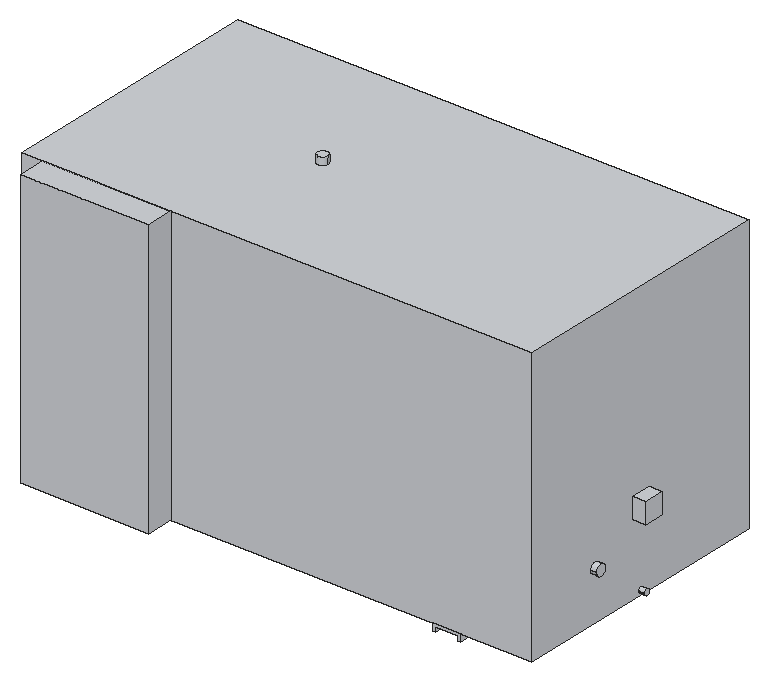
Revit family
Parameters (values of type "HH(Voltage)(kW)2500 1 Phase")
  Wattage = MAX KW * 1000 VA  # 60000 VA
  Water Outlet Radius = 1 1/2"
  Water Inlet Offset = Side Panel Width * 0.5 - 3"  # 16 9/16"
  WATER OUTLET SIZE = Water Outlet Radius * 2  # 3"
  Side Panel Width = C_DEPTH / 2  # 39 1/8"
  MAX KW = 60
  Front center panel width = B_LENGTH / 3  # 49.16146"
  D_INLET HEIGHT = 16 1/2"
  Water Inlet Radius = 1 1/2"
  VOLTAGE = 208 V
  Total Amps = MAX KW * 1000 V / VOLTAGE  # 288.4615
  Top Clearance = 24"
  SES BIM Studio # = "201264902-50"
  URL = "http://www.lochinvar.com/_linefiles/CHP-10.pdf"
  Number of Poles = 2
  Model = "HH *(kW)-2500"
  Manufacturer = "Lochinvar"
  MODEL NO. = "HH (Voltage) (kW)-2500"
  WATER INLET SIZE = Water Inlet Radius * 2  # 3"
  GALLON CAPACITY = "2500"
  Cost = 0
  Control Panel Height = A_HEIGHT * 2 / 3  # 54.66667"
  C_DEPTH = 78 1/4"
  CONTINUOUS DELIVERY (GPH) = "246"
  B_LENGTH = 147 31/64"
  A_HEIGHT = 82"
  Description = ""
  Fuel Type = ""
  # OF ELEMENTS = "4"
Types (14): name | Water Outlet Radius | Water Inlet Offset | WATER OUTLET SIZE | Side Panel Width | Front center panel width | D_INLET HEIGHT | Water Inlet Radius | Model | MODEL NO. | WATER INLET SIZE | GALLON CAPACITY | Control Panel Height | C_DEPTH | B_LENGTH | A_HEIGHT
  (no name) | 1 1/2" | 16 9/16" | 3" | 39 1/8" | 49.16146" | 16 1/2" | 1 1/2" | "HH *(kW)-2500" | "HH (Voltage) (kW)-2500" | 3" | "2500" | 54.66667" | 78 1/4" | 147 31/64" | 82"
  HH(Voltage)(kW)1250 1 Phase | 1 1/2" | 12 1/16" | 3" | 30 1/8" | 43.41667" | 15" | 1 1/2" | "HH *(kW)-1250" | "HH (Voltage) (kW)-1250" | 3" | "1250" | 42.66667" | 60 1/4" | 130 1/4" | 64"
  HH(Voltage)(kW)1500 1 Phase | 1 1/2" | 13 9/16" | 3" | 33 1/8" | 42.08333" | 16" | 1 1/2" | "HH *(kW)-1500" | "HH (Voltage) (kW)-1500" | 3" | "1500" | 46.66667" | 66 1/4" | 126 1/4" | 70"
  HH(Voltage)(kW)2000 1 Phase | 1 1/2" | 15 1/16" | 3" | 36 1/8" | 45 3/4" | 17 1/2" | 1 1/2" | "HH *(kW)-2000" | "HH (Voltage) (kW)-2000" | 3" | "2000" | 50.66667" | 72 1/4" | 137 1/4" | 76"
  HH(Voltage)(kW)2500 1 Phase | 1 1/2" | 16 9/16" | 3" | 39 1/8" | 49.16146" | 16 1/2" | 1 1/2" | "HH *(kW)-2500" | "HH (Voltage) (kW)-2500" | 3" | "2500" | 54.66667" | 78 1/4" | 147 31/64" | 82"
  HH(Voltage)(kW) 150 1 Phase | 1" | 5 9/16" | 2" | 17 1/8" | 22.83333" | 12" | 1" | "HH *(kW)-150" | "HH (Voltage) (kW)-150" | 2" | "150" | 24.66667" | 34 1/4" | 68 1/2" | 37"
  HH(Voltage)(kW) 200 1 Phase | 1" | 5 9/16" | 2" | 17 1/8" | 26" | 12" | 1" | "HH *(kW)-200" | "HH (Voltage) (kW)-200" | 2" | "200" | 24.66667" | 34 1/4" | 78" | 37"
  HH(Voltage)(kW) 250 1 Phase | 1" | 6 1/16" | 2" | 18 1/8" | 30.08333" | 13" | 1" | "HH *(kW)-250" | "HH (Voltage) (kW)-250" | 2" | "250" | 26" | 36 1/4" | 90 1/4" | 39"
  HH(Voltage)(kW) 300 1 Phase | 1" | 7 9/16" | 2" | 21 1/8" | 26.08333" | 14 3/4" | 1" | "HH *(kW)-300" | "HH (Voltage) (kW)-300" | 2" | "300" | 30" | 42 1/4" | 78 1/4" | 45"
  HH(Voltage)(kW) 400 1  Phase | 1" | 9 1/16" | 2" | 24 1/8" | 26.08333" | 16" | 1" | "HH *(kW)-400" | "HH (Voltage) (kW)-400" | 2" | "400" | 34.66667" | 48 1/4" | 78 1/4" | 52"
  HH(Voltage)(kW) 500 1 Phase | 1" | 9 1/16" | 2" | 24 1/8" | 30 1/4" | 16" | 1" | "HH *(kW)-500" | "HH (Voltage) (kW)-500" | 2" | "500" | 34.66667" | 48 1/4" | 90 3/4" | 52"
  HH(Voltage)(kW) 600 1 Phase | 1" | 10 9/16" | 2" | 27 1/8" | 30 1/4" | 13 1/2" | 1 1/4" | "HH *(kW)-600" | "HH (Voltage) (kW)-600" | 2 1/2" | "600" | 38.66667" | 54 1/4" | 90 3/4" | 58"
  HH(Voltage)(kW) 800 1 Phase | 1" | 10 9/16" | 2" | 27 1/8" | 33.41667" | 13 1/2" | 1 1/4" | "HH *(kW)-800" | "HH (Voltage) (kW)-800" | 2 1/2" | "750" | 38.66667" | 54 1/4" | 100 1/4" | 58"
  HH(Voltage)(kW)1000 1 Phase | 1" | 10 9/16" | 2" | 27 1/8" | 42.08333" | 13 1/2" | 1 1/4" | "HH *(kW)-1000" | "HH (Voltage) (kW)-1000" | 2 1/2" | "900" | 38.66667" | 54 1/4" | 126 1/4" | 58"
Reference planes (in)
  plane 1 "Center of Tank": y = 6.125
  plane 2 "Floor": z = 0
  plane 3 "Center (Left/Right)": x = -1.93124
  plane 4 "Top": z = 82
  plane 5 "Back": y = 45.25
  plane 6 "Inlet Height": z = 16.5
  plane 7 "Left": x = -75.67343
  plane 8 "Right": x = 71.81095
  plane 9 "Front": y = -33
  plane 10 "side panel left": y = -13.4375
  plane 11: x = -51.0953
  plane 12: x = -69.67343
  plane 13: x = -32.51718
  plane 14 "side panel right": y = 25.6875
  plane 15: x = -26.51197
  plane 16: x = 22.64949
  plane 17 "Inlet Offset": y = -10.4375
  plane 18 "hand hole center": z = 26
  plane 19: x = 47.23022
  plane 20 "Bottom of unit": z = 2
Forms (in)
  Extrusion 1, solid
    sketch origin (0, 0.625, 0) x (1, 0, 0) y (0, 1, 0)
      loop
        line (-75.67343, 44.625) -> (-75.67343, -33.625) -> (71.81095, -33.625) -> (71.81095, 44.625) -> (-75.67343, 44.625)
    from 2 to 82
  Extrusion 2, solid
    sketch origin (71.81095, -12, -19.75) x (0, 1, 0) y (0, 0, 1)
      loop
        circle (18.125, 23.25) r 0.75
    from 0 to 2
  Extrusion 3, solid
    sketch origin (-18, 0, 82) x (-1, 0, 0) y (0, -1, 0)
      loop
        circle (1.93124, -6.125) r 1.5
    from 0 to 2
  Extrusion 4, solid
    sketch origin (71.81095, 2, 0) x (0, 1, 0) y (0, 0, 1)
      loop
        line (7.125, 23) -> (7.125, 29) -> (1.125, 29) -> (1.125, 23) -> (7.125, 23)
    from 0 to 4
  Extrusion 5, solid
    sketch origin (71.81095, 0, 0) x (0, 1, 0) y (0, 0, 1)
      loop
        circle (-10.4375, 16.5) r 1.5
    from 0 to 2
  Extrusion 6, solid
    sketch origin (0, -33, 0) x (1, 0, 0) y (0, 0, 1)
      loop
        line (-55.0953, 2) -> (-55.0953, 0) -> (-54.3453, 0) -> (-54.3453, 1.25) -> (-47.8453, 1.25) -> (-47.8453, 0) -> (-47.0953, 0) -> (-47.0953, 2) -> (-55.0953, 2)
    from -78.25 to 0
  Extrusion 7, solid
    sketch origin (98.32552, -33, 0) x (1, 0, 0) y (0, 0, 1)
      loop
        line (-55.0953, 2) -> (-55.0953, 0) -> (-54.3453, 0) -> (-54.3453, 1.25) -> (-47.8453, 1.25) -> (-47.8453, 0) -> (-47.0953, 0) -> (-47.0953, 2) -> (-55.0953, 2)
    from -78.25 to 0
  Extrusion 8, solid
    sketch origin (0, 0, 82) x (-1, 0, 0) y (0, -1, 0)
      loop
        line (69.67343, 33) -> (69.67343, 41) -> (32.51718, 41) -> (32.51718, 33) -> (69.67343, 33)
    from -80 to 0
Lines and regions (in)
  model lines, style "MechanicalEquipment"
    curve 1: line (-69.67343, -33, 82) -> (-32.51718, -33, 82)
  model lines
    curve 2: line (71.81095, -13.4375, 79.5) -> (71.81095, -13.4375, 2)
    curve 3: line (71.81095, 25.6875, 79.5) -> (71.81095, 25.6875, 2)
    curve 4: line (-26.51197, -33, 82) -> (-26.51197, -33, 2)
    curve 5: line (22.64949, -33, 82) -> (22.64949, -33, 2)
    curve 6: line (71.81095, -33, 79.5) -> (71.81095, 45.25, 79.5)
    curve 7: line (-75.67343, 45.25, 79.5) -> (-75.67343, -33, 79.5)
    curve 8: line (-32.51718, -33, 82) -> (71.81095, -33, 82)
    curve 9: line (-69.67343, -33, 82) -> (-75.67343, -33, 82)
    curve 10: line (71.81095, -33, 79.5) -> (-75.67343, -33, 79.5)
    curve 11: line (71.81095, 45.25, 79.5) -> (-75.67343, 45.25, 79.5)
Dimensions and locks (in)
  "A_HEIGHT": plane 4 "Top" to level
  equal spacing: plane 7 "Left", plane 3 "Center (Left/Right)", plane 8 "Right"
  "B_LENGTH": plane 7 "Left" to plane 8 "Right"
  equal spacing: plane 9 "Front", plane 1 "Center of Tank", plane 5 "Back"
  "C_DEPTH": plane 9 "Front" to plane 5 "Back"
  "D_INLET HEIGHT": plane 6 "Inlet Height" to level
  equal spacing: plane 13, plane 11, plane 12
  plane 12 to plane 7 "Left" = 6"
  equal spacing: plane 10 "side panel left", plane 1 "Center of Tank", plane 14 "side panel right"
  "Side Panel Width": plane 10 "side panel left" to plane 14 "side panel right"
  equal spacing: plane 16, plane 3 "Center (Left/Right)", plane 15
  "Front center panel width": plane 16 to plane 15
  "Water Inlet Offset": plane 17 "Inlet Offset" to plane 1 "Center of Tank"
  locked: plane 15 to plane 13 at 6.00521
  equal spacing: plane 8 "Right", plane 19, plane 16
  Extrusion 6 sketch curve to plane 11 = 4"  (x2)
  Extrusion 7 sketch curve to plane 19 to Extrusion 7 sketch curve = 4", 4"
  locked: Extrusion 8 to Extrusion 1 at 8
  "Water Inlet Radius": radius of Extrusion 3 sketch curve
  radius of Extrusion 2 sketch curve = 3/4"
  "Water Inlet Radius": radius of Extrusion 5 sketch curve
  aligned and locked: plane 4 "Top" to Extrusion 1
  aligned and locked: plane 9 "Front" to Extrusion 1
  aligned and locked: Extrusion 1 to plane 5 "Back"
  aligned and locked: curve 4 to plane 15
  aligned and locked: curve 5 to plane 16
  aligned and locked: curve 1 to plane 4 "Top"
  aligned and locked: Extrusion 1 to plane 20 "Bottom of unit"
  aligned and locked: Extrusion 6 to plane 5 "Back"
  aligned: plane 9 "Front" to Extrusion 6
  aligned and locked: Extrusion 7 to Extrusion 1
  aligned and locked: Extrusion 1 to Extrusion 8
  aligned and locked: plane 4 "Top" to Extrusion 8
Automatic sketch dimensions
  Extrusion 1 sketch curve to plane 5 "Back" = 0"
  Extrusion 1 sketch curve to plane 7 "Left" = 0"
  Extrusion 1 sketch curve to plane 8 "Right" = 0"
  Extrusion 1 sketch curve to plane 9 "Front" = 0"
  Extrusion 2 sketch curve to plane 1 "Center of Tank" = 0"
  plane 20 "Bottom of unit" to Extrusion 2 sketch curve = 1 1/2"
  plane 1 "Center of Tank" to Extrusion 3 sketch curve = 0"
  plane 15 to Extrusion 3 sketch curve = 6.58073"
  curve 11 to plane 7 "Left" = 0"
  curve 11 to plane 8 "Right" = 0"
  curve 11 to plane 4 "Top" = 2 1/2"
  curve 7 to plane 9 "Front" = 0"
  curve 7 to plane 5 "Back" = 0"
  curve 7 to plane 4 "Top" = 2 1/2"
  plane 1 "Center of Tank" to Extrusion 4 sketch curve = 3"
  Extrusion 4 sketch curve to plane 1 "Center of Tank" = 3"
  Extrusion 4 sketch curve to plane 18 "hand hole center" = 3"
  plane 18 "hand hole center" to Extrusion 4 sketch curve = 3"
  Extrusion 5 sketch curve to plane 6 "Inlet Height" = 0"
  Extrusion 5 sketch curve to plane 17 "Inlet Offset" = 0"
  Extrusion 6 sketch curve to level = 0"  (x2)
  Extrusion 6 sketch curve to plane 20 "Bottom of unit" = 0"
  Extrusion 6 sketch curve to Extrusion 6 sketch curve = 3/4"  (x2)
  Extrusion 6 sketch curve to plane 20 "Bottom of unit" = 3/4"
  Extrusion 7 sketch curve to plane 20 "Bottom of unit" = 0"
  Extrusion 7 sketch curve to level = 0"  (x2)
  Extrusion 7 sketch curve to Extrusion 7 sketch curve = 3/4"  (x2)
  Extrusion 7 sketch curve to plane 20 "Bottom of unit" = 3/4"
  curve 9 to plane 7 "Left" = 0"
  curve 10 to plane 7 "Left" = 0"
  curve 9 to plane 12 = 0"
  curve 10 to plane 8 "Right" = 0"
  curve 8 to plane 8 "Right" = 0"
  curve 4 to plane 20 "Bottom of unit" = 0"
  curve 5 to plane 20 "Bottom of unit" = 0"
  curve 10 to plane 4 "Top" = 2 1/2"
  curve 8 to plane 13 = 0"
  curve 6 to plane 9 "Front" = 0"
  curve 2 to plane 10 "side panel left" = 0"
  curve 3 to plane 14 "side panel right" = 0"
  curve 6 to plane 5 "Back" = 0"
  curve 2 to plane 20 "Bottom of unit" = 0"
  curve 3 to plane 20 "Bottom of unit" = 0"
  curve 3 to plane 4 "Top" = 2 1/2"
  Extrusion 8 sketch curve to plane 13 = 0"
  Extrusion 8 sketch curve to plane 12 = 0"
  Extrusion 8 sketch curve to plane 9 "Front" = 0"
  plane 9 "Front" to Extrusion 8 sketch curve = 8"
Connectors (in)
  piping at (73.81095, 6.125, 3.5)
    settings: on Extrusion 2, index 1, connector radius 3/4", flow factor 0, pipe flow 0 GPM, pressure drop 0.00 psi, fitting loss kfactor 0, connector angle 0.00°, fixture units 0, flow configuration 0, flow direction 2, fitting loss method 0, system type 16, connector reference index -1, connector utility 0, adjustable connector no, is connector primary yes, fitting loss table "", connector description "Drain Conn"
  piping at (-19.93124, 6.125, 84), driven by "Water Outlet Radius"
    settings: on Extrusion 3, index 3, connector radius 1 1/2", flow factor 0, pipe flow 0 GPM, pressure drop 0.00 psi, fitting loss kfactor 0, connector angle 0.00°, fixture units 0, flow configuration 0, flow direction 2, fitting loss method 0, system type 19, connector reference index -1, connector utility 0, adjustable connector no, is connector primary no, fitting loss table "", connector description "Hot Water Oultet"
  piping at (73.81095, -10.4375, 16.5), driven by "Water Inlet Radius"
    settings: on Extrusion 5, index 4, connector radius 1 1/2", flow factor 0, pipe flow 0 GPM, pressure drop 0.00 psi, fitting loss kfactor 0, connector angle 0.00°, fixture units 0, flow configuration 1, flow direction 1, fitting loss method 0, system type 20, connector reference index -1, connector utility 0, adjustable connector no, is connector primary no, fitting loss table "", connector description "Water Inlet Conn"
  electrical at (-51.0953, -37, 82), driven by "Number of Poles", driven by "VOLTAGE", driven by "Wattage"
    settings: on Extrusion 8, index 5, voltage 208 V, apparent load 60000 VA, apparent load phase1 0 VA, apparent load phase2 0 VA, apparent load phase3 0 VA, power factor 1, load classification "Other", number of poles 2, system type 30, power factor state 1, is connector primary yes, connector utility no, sub classification motor no, connector description "Line Voltage"
